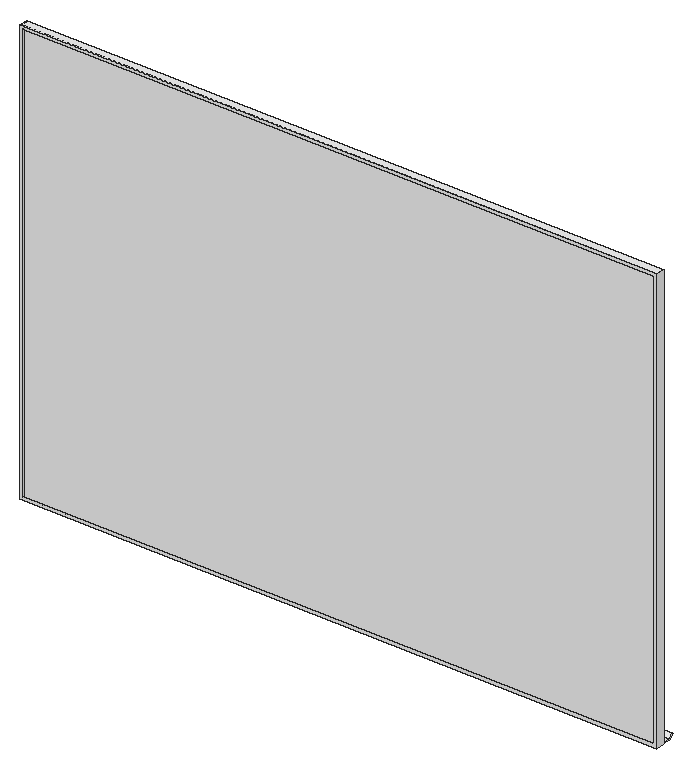
Revit family
Parameters (values of type "WhiteBoard")
  Width = 1800 mm
  Offset = 15 mm
  Material Framing = Metal - Aluminium
  Material Board = Plastic - White
  Height to Underside = 900 mm
  Height = 1200 mm
  Board Thickness = 20 mm
  Assembly Code = ""
Types (2, lengths in mm): name | Material Board
  WhiteBoard | Plastic - White
  BlackBoard | Finishes - BlackBoards
Reference planes
  plane 1 "Center (Front/Back)": y = 0
  plane 2: z = 0
  plane 3 "Center (Left/Right)": x = -94.119
  plane 4: x = -994.119
  plane 5: x = 805.881
  plane 6: y = 15
  plane 7: z = 900
  plane 8: z = 2100
Forms (mm)
  Extrusion 1, solid, material "Plastic - White" <- "Material Board"
    sketch origin (0, 15, 0) x (1, 0, 0) y (0, 0, 1)
      loop
        line (-994.119, 900) -> (805.881, 900) -> (805.881, 2100) -> (-994.119, 2100) -> (-994.119, 900)
    from 0 to -20
  Sweep 2, solid, material "Metal - Aluminium" <- "Material Framing"
    path origin (0, 15, 0) x (1, 0, 0) y (0, 0, 1)
      loop
        line (-994.119, 900) -> (805.881, 900) -> (805.881, 2100) -> (-994.119, 2100) -> (-994.119, 900)
    profile origin (-94.119, 15, 900) x (0, 0, 1) y (0, -1, 0)
      loop
        line (6, 0) -> (6, 2) -> (-2, 2) -> (-2, -22) -> (6, -22) -> (6, -20) -> (0, -20) -> (0, 0) -> (6, 0)
  Extrusion 3, solid, material "Metal - Aluminium" <- "Material Framing"
    sketch origin (-94.119, 0, 0) x (0, 1, 0) y (0, 0, 1)
      loop
        line (37, 898) -> (62, 898) -> (71.642, 909.491) -> (70.11, 910.776) -> (61.067, 900) -> (37, 900) -> (37, 898)
    from -900 to 900
Dimensions and locks
  equal spacing: plane 4, plane 3 "Center (Left/Right)", plane 5
  "Width": plane 4 to plane 5
  "Offset": plane 1 "Center (Front/Back)" to plane 6
  "Height to Underside": plane 7 to plane 2
  "Height": plane 8 to plane 7
  "Board Thickness": plane 6 to Extrusion 1
  Extrusion 1 to Sweep 2 sketch curve = 2 mm
  Sweep 2 sketch curve to Extrusion 1 = 2 mm  (x2)
  Extrusion 1 to Sweep 2 sketch curve = 6 mm
  aligned and locked: Sweep 2 sketch curve to Sweep 2 sketch curve
  aligned and locked: Extrusion 3 to plane 5
  aligned and locked: plane 4 to Extrusion 3
Automatic sketch dimensions
  Extrusion 1 sketch curve to plane 4 = 0 mm
  Extrusion 1 sketch curve to plane 5 = 0 mm
  Extrusion 1 sketch curve to plane 7 = 0 mm
  Extrusion 1 sketch curve to plane 8 = 0 mm
  Sweep 2 sketch curve to plane 4 = 0 mm
  Sweep 2 sketch curve to plane 5 = 0 mm
  Sweep 2 sketch curve to plane 7 = 0 mm
  Sweep 2 sketch curve to plane 8 = 0 mm
  Sweep 2 sketch curve to profile plane = 0 mm
  Sweep 2 sketch curve to plane 6 = 0 mm
  Sweep 2 sketch curve to Sweep 2 sketch curve = 2 mm
  Extrusion 3 sketch curve to plane 7 = 0 mm
  plane 7 to Extrusion 3 sketch curve = 2 mm
  Extrusion 3 sketch curve to plane 6 = 22 mm
  Extrusion 3 sketch curve to Extrusion 3 sketch curve = 24.067 mm
  Extrusion 3 sketch curve to Extrusion 3 sketch curve = 0.933 mm
  Extrusion 3 sketch curve to plane 7 = 10.776 mm
  Extrusion 3 sketch curve to Extrusion 3 sketch curve = 9.042 mm
